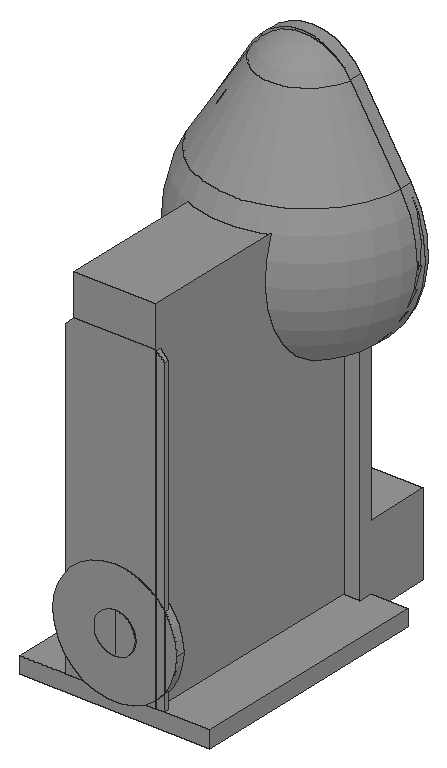
Revit family "Toilet-Willoughby-1490-ETF-FM-BS", category Plumbing Fixtures, host Face, Revit 2014
Parameters (values of type "Standard")
  Waste DIA = 2 1/2"
  Waste Connection = yes
  W-RAD [instance] = Waste DIA / 2  # 0' - 1 1/4"
  Vent Connection = no
  URL = "www.willoughby-ind.com"
  Type Comments = ""
  Revision = "A"
  Model = "ETF-1490-FM-BS"
  Manufacturer = "Willoughby Industries"
  HW Connection = no
  Flush inlet DIA = 1 1/2"
  Flush Inlet Connection = yes
  Fixture Body = Stainless Steel AISI 304-Willoughby
  F-RAD [instance] = Flush inlet DIA / 2  # 0' - 0 3/4"
  Description = "Floor Mounted Toilet"
  Default Elevation = 0' - 0"
  Contact Number = "(800) 428-4065"
  CW Connection = no
Reference planes (in)
  plane 1 "Base": y = -16.25
  plane 2: z = 0
  plane 3 "Center": x = 18.31072
  plane 4 "Waste height": y = -4.75
  plane 5: y = -1.25
  plane 6: z = -6.75
  plane 7: y = -2.125
  plane 8: y = -14.0625
  plane 9: y = 0.5
  plane 10: x = 16.56072
  plane 11: x = 20.06072
  plane 12: x = 11.56072
  plane 13: x = 25.06072
  plane 14: z = 23
  plane 15: z = 30.75
  plane 16: x = 15.81072
  plane 17: x = 20.81072
  plane 18: x = 15.81072
  plane 19: x = 20.81072
  plane 20: z = 4.25
  plane 21: x = 12.56072
  plane 22: x = 24.06072
  plane 23: y = 2.75
Forms (in)
  Extrusion 1, solid, material "Stainless Steel AISI 304-Willoughby" <- "Fixture Body"
    sketch origin (16.08109, 7.47968, -2.20225) x (-1, 0, 0) y (0, 0, -1)
      loop
        line (1.29775, -16.80087) -> (1.29775, -3.20225) -> (-5.72963, -3.20225) -> (-5.72963, -16.81676)
        arc (-5.72963, -16.81676) -> (-8.98136, -21.11843) -> (-8.21015, -26.45542) r 7
        line (-8.21015, -26.45542) -> (-5.16818, -31.31054)
        arc (-5.16818, -31.31054) -> (-2.20225, -32.95225) -> (0.76368, -31.31054) r 3.5
        line (0.76368, -31.31054) -> (3.80565, -26.45542)
        arc (3.80565, -26.45542) -> (4.5729, -21.10311) -> (1.29775, -16.80087) r 7
      loop
        arc (2.03989, -24.70557) -> (-2.20225, -18.23804) -> (-6.44438, -24.70557) r 4.625
        line (-6.44438, -24.70557) -> (-4.04125, -30.23842)
        arc (-4.04125, -30.23842) -> (-2.20225, -31.45225) -> (-0.36324, -30.23842) r 2
        line (-0.36324, -30.23842) -> (2.03989, -24.70557)
    from 8.72968 to 9.5
  Revolve 2, solid, material "Stainless Steel AISI 304-Willoughby" <- "Fixture Body"
    sketch origin (19.37246, -1.52032, 1.00169) x (-1, 0, 0) y (0, 0, -1)
      loop
        line (1.06174, -12.59906) -> (1.06174, -12.84906)
        arc (1.06174, -12.84906) -> (6.91177, -17.54136) -> (5.58904, -24.92315) r 7.34171
        line (5.58904, -24.92315) -> (3.81535, -27.91457)
        arc (3.81535, -27.91457) -> (2.63527, -29.03194) -> (1.06174, -29.43826) r 3.25
        line (1.06174, -29.43826) -> (1.06174, -29.68826)
        arc (1.06174, -29.68826) -> (2.75672, -29.25045) -> (4.02767, -28.04656) r 3.5
        line (4.02767, -28.04656) -> (7.06964, -23.19143)
        arc (7.06964, -23.19143) -> (7.15052, -16.14555) -> (1.06174, -12.59906) r 7
      axis (1.06174, -12.59906) -> (1.06174, -29.68826)
    angle from 0 to -180
  Extrusion 3, solid, material "Stainless Steel AISI 304-Willoughby" <- "Fixture Body"
    sketch origin (19.53334, -3.02032, -4.9508) x (0, 1, 0) y (0, 0, 1)
      loop
        line (-4.42257, 4.9508) -> (1.02643, 4.9508) -> (1.02643, 18.97156)
        arc (1.02643, 18.97156) -> (-2.31062, 20.32275) -> (-4.42257, 23.23845) r 6.52287
        line (-4.42257, 23.23845) -> (-4.42257, 4.9508)
    from 1.27686 to -3.72262
  Extrusion 4, solid, material "Stainless Steel AISI 304-Willoughby" <- "Fixture Body"
    sketch origin (18.31072, 0, -1) x (0, 1, 0) y (0, 0, 1)
      loop
        line (-1.25, 1) -> (2.75, 1) -> (2.75, 6) -> (-1.25, 6) -> (-1.25, 1)
    from -3.52738 to 3.5
  Extrusion 5, solid, material "Stainless Steel AISI 304-Willoughby" <- "Fixture Body"
    sketch origin (0, 0, 0) x (1, 0, 0) y (0, 1, 0)
      loop
        circle (18.31072, 0.5) r 0.75
    from 0 to 1
  Extrusion 6, solid, material "Stainless Steel AISI 304-Willoughby" <- "Fixture Body"
    sketch origin (0, -16.25, 0) x (1, 0, 0) y (0, 0, 1)
      loop
        line (24.06072, 0) -> (24.06072, 1) -> (12.56072, 1) -> (12.56072, 0) -> (24.06072, 0)
    from -15 to 0
  Extrusion 7, solid, material "Stainless Steel AISI 304-Willoughby" <- "Fixture Body"
    sketch origin (0, -16.25, 0) x (1, 0, 0) y (0, 0, 1)
      loop
        line (20.81072, 0) -> (20.81072, 23) -> (15.81072, 23) -> (15.81072, 0) -> (20.81072, 0)
    from 0 to -8.80711
  Revolve 8, solid, material "Stainless Steel AISI 304-Willoughby" <- "Fixture Body"
    sketch origin (18.31072, 0, 0) x (0, 1, 0) y (0, 0, 1)
      loop
        line (-16.25152, 4.25) -> (-14.08343, 4.25) -> (-14.08343, 5.5) -> (-16.25152, 5.5) -> (-16.25152, 4.25)
      axis (-14.08343, 4.25) -> (-16.25152, 4.25)
    angle from 0 to 360
  Extrusion 9, solid, material "Stainless Steel AISI 304-Willoughby" <- "Fixture Body"
    sketch origin (0, -16.25, 0) x (1, 0, 0) y (0, 0, 1)
      loop
        circle (18.31072, 4.25) r 3.75
    from 0 to -0.5
  Extrusion 10, solid, material "Stainless Steel AISI 304-Willoughby" <- "Fixture Body"
    sketch origin (0, -16.25, 0) x (1, 0, 0) y (0, 0, 1)
      loop
        line (20.81072, 1) -> (21.31072, 1) -> (21.31072, 20) -> (20.81072, 20.5) -> (15.81072, 20.5) -> (15.31072, 20) -> (15.31072, 1) -> (15.81072, 1) -> (20.81072, 1)
    from 0 to -0.25
Cuts and joins
  joined: Extrusion 1, Extrusion 3, Extrusion 4, Extrusion 6, Extrusion 7
Lines and regions (in)
  symbolic lines
    curve 1: line (12.56072, -16.25, 0) -> (12.56072, -1.25, 0)
    curve 2: line (12.56072, -1.25, 0) -> (24.06072, -1.25, 0)
    curve 3: line (24.06072, -1.25, 0) -> (24.06072, -16.25, 0)
    curve 4: line (24.06072, -16.25, 0) -> (12.56072, -16.25, 0)
    curve 5: line (14.78334, -1.25, 0) -> (14.78334, 2.75, 0)
    curve 6: line (14.78334, 2.75, 0) -> (21.81072, 2.75, 0)
    curve 7: line (21.81072, 2.75, 0) -> (21.81072, -1.25, 0)
    curve 8: line (11.28334, -2.02032, 0) -> (11.28334, -1.25, 0)
    curve 9: line (11.28334, -1.25, 0) -> (25.28334, -1.25, 0)
    curve 10: line (25.28334, -1.25, 0) -> (25.28334, -2.02032, 0)
    curve 11: arc (25.28334, -2.02032, 0) -> (23.08111, -6.64837, 0) -> (18.31072, -8.52239, 0) r 6.97585
    curve 12: arc (18.31072, -8.52239, 0) -> (13.52719, -6.64379, 0) -> (11.28334, -2.02032, 0) r 7.0627
    curve 13: line (15.81072, -8.06019, 0) -> (15.81072, -16.25, 0)
    curve 14: line (20.81072, -8.06397, 0) -> (20.81072, -16.25, 0)
    curve 23: arc (21.81072, -16.25, 14.61451) -> (25.06245, -16.25, 18.91618) -> (24.29124, -16.25, 24.25317) r 7
    curve 24: line (24.29124, -16.25, 24.25317) -> (21.24927, -16.25, 29.1083)
    curve 25: arc (21.24927, -16.25, 29.1083) -> (18.28334, -16.25, 30.75) -> (15.31741, -16.25, 29.1083) r 3.5
    curve 26: line (15.31741, -16.25, 29.1083) -> (12.35249, -16.25, 24.379)
    curve 27: arc (12.35249, -16.25, 24.379) -> (11.49002, -16.25, 18.97236) -> (14.78334, -16.25, 14.59862) r 7
    curve 28: line (12.56072, -16.25, 0) -> (24.06072, -16.25, 0)
    curve 29: line (24.06072, -16.25, 0) -> (24.06072, -16.25, 1)
    curve 30: line (24.06072, -16.25, 1) -> (21.81072, -16.25, 1)
    curve 31: line (14.78334, -16.25, 1) -> (12.56072, -16.25, 1)
    curve 32: line (12.56072, -16.25, 1) -> (12.56072, -16.25, 0)
    curve 39: line (18.31072, -16.25, 0) -> (18.31072, 2.75, 0)
    curve 40: line (18.31072, 2.75, 0) -> (18.31072, 2.75, 5)
    curve 41: line (18.31072, 2.75, 5) -> (18.31072, -1.25, 5)
    curve 42: line (18.31072, -1.25, 5) -> (18.31072, -1.25, 30.75)
    curve 43: line (18.31072, -1.25, 30.75) -> (18.31072, -2.02032, 30.75)
    curve 44: arc (18.31072, -2.02032, 30.75) -> (18.31072, -3.30775, 30.20786) -> (18.31072, -4.32667, 29.25224) r 3.95799
    curve 45: line (18.31072, -4.32667, 29.25224) -> (18.31072, -7.52822, 24.19312)
    curve 46: arc (18.31072, -7.52822, 24.19312) -> (18.31072, -7.8446, 23.61437) -> (18.31072, -8.08458, 23) r 5.16145
    curve 47: line (18.31072, -7.5944, 23) -> (18.31072, -16.25, 23)
    curve 48: line (18.31072, -16.25, 23) -> (18.31072, -16.25, 0)
    curve 49: line (18.31072, -16.25, 1) -> (18.31072, -2.02032, 1)
    curve 50: line (18.31072, -2.02032, 0) -> (18.31072, -2.02032, 14.0236)
    curve 51: arc (18.31072, -2.02032, 14.0236) -> (18.31072, -4.33607, 14.70091) -> (18.31072, -6.27296, 16.13962) r 6.84521
    curve 52: arc (18.31072, -6.27296, 16.13962) -> (18.31072, -7.60685, 18.26418) -> (18.31072, -8.03719, 20.73557) r 6.50212
    curve 53: arc (18.31072, -8.03719, 20.73557) -> (18.31072, -7.91305, 21.88681) -> (18.31072, -7.5944, 23) r 6.76463
    curve 54: line (14.78334, -16.25, 14.59862) -> (14.78334, -16.25, 1)
    curve 55: line (21.81072, -16.25, 14.61451) -> (21.81072, -16.25, 1)
    curve 56: line (21.81072, -16.25, 5) -> (14.78334, -16.25, 5)
  symbolic lines, detail levels fine
    curve 15: line (14.56072, -16.25, 0) -> (14.56072, -15.75, 0)
    curve 16: line (14.56072, -15.75, 0) -> (15.81072, -15.75, 0)
    curve 17: line (20.81072, -15.75, 0) -> (22.06072, -15.75, 0)
    curve 18: line (22.06072, -15.75, 0) -> (22.06072, -16.25, 0)
    curve 19: line (21.31072, -16.25, 0) -> (21.31072, -16, 0)
    curve 20: line (21.31072, -16, 0) -> (20.81072, -16, 0)
    curve 21: line (15.31072, -16.25, 0) -> (15.31072, -16, 0)
    curve 22: line (15.31072, -16, 0) -> (15.81072, -16, 0)
  symbolic lines, detail levels medium+fine
    curve 33: arc (14.78334, -16.25, 5.52282) -> (14.56072, -16.25, 4.25) -> (14.78334, -16.25, 2.97718) r 3.75
    curve 34: arc (21.81072, -16.25, 2.90371) -> (22.06072, -16.25, 4.25) -> (21.81072, -16.25, 5.59629) r 3.75
    curve 35: line (22.52547, -16.25, 22.50332) -> (20.12234, -16.25, 28.03617)
    curve 36: arc (20.12234, -16.25, 28.03617) -> (18.28334, -16.25, 29.2424) -> (16.44433, -16.25, 28.03617) r 2.00498
    curve 37: line (16.44433, -16.25, 28.03617) -> (14.0412, -16.25, 22.50332)
    curve 38: arc (14.0412, -16.25, 22.50332) -> (18.28334, -16.25, 16.0358) -> (22.52547, -16.25, 22.50332) r 4.625
Dimensions and locks (in)
  plane 1 "Base" to plane 4 "Waste height" = 0' - 11 1/2"
  plane 1 "Base" to plane 5 = 1' - 3"
  locked: plane 1 "Base" to plane 9 at 16.75
  level to plane 15 = 2' - 6 3/4"
  plane 21 to plane 22 = 0' - 11 1/2"  (x2)
  plane 13 to plane 22 = 0' - 1"
  plane 18 to plane 19 = 0' - 5"
  "F-RAD": radius of Extrusion 5 sketch curve
  aligned and locked: plane 2 to host face
  aligned and locked: level to host face
  aligned and locked: plane 9 to Extrusion 5 sketch curve
  aligned and locked: plane 3 "Center" to Extrusion 5 sketch curve
  aligned and locked: Revolve 8 sketch curve to Revolve 8 sketch curve  (x2)
  aligned and locked: Extrusion 5 to level
Automatic sketch dimensions
  host sketch curve to host sketch curve = 2' - 10.4274"
  host sketch curve to host sketch curve = 3' - 0.36225"
  Extrusion 1 sketch curve to Extrusion 1 sketch curve = 0' - 0"  (x8)
  level to Extrusion 1 sketch curve = 0' - 1"
  plane 3 "Center" to Extrusion 1 sketch curve = 0' - 5.98052"
  Extrusion 1 sketch curve to Extrusion 1 sketch curve = 0' - 1.76576"  (x2)
  plane 3 "Center" to Extrusion 1 sketch curve = 0' - 3 1/2"
  plane 3 "Center" to Extrusion 1 sketch curve = 0' - 2.93855"
  Extrusion 1 sketch curve to Extrusion 1 sketch curve = 0' - 1.12693"  (x2)
  Extrusion 1 sketch curve to plane 3 "Center" = 0' - 0.02738"  (x2)
  Extrusion 1 sketch curve to plane 3 "Center" = 0' - 1.86639"
  Extrusion 1 sketch curve to plane 3 "Center" = 0' - 3.52738"
  Extrusion 1 sketch curve to plane 3 "Center" = 0' - 4 69/256"
  Extrusion 1 sketch curve to Extrusion 1 sketch curve = 1' - 1.59862"
  Extrusion 1 sketch curve to Extrusion 1 sketch curve = 0' - 0.01589"
  Extrusion 1 sketch curve to Extrusion 1 sketch curve = 0' - 6.06218"
  Extrusion 1 sketch curve to Extrusion 1 sketch curve = 0' - 1.74985"
  Extrusion 1 sketch curve to Extrusion 1 sketch curve = 0' - 4.74668"
  Extrusion 1 sketch curve to Extrusion 1 sketch curve = 0' - 0.78617"
  Extrusion 1 sketch curve to Extrusion 1 sketch curve = 0' - 1.07212"
  Extrusion 4 sketch curve to level = 0' - 0"
  Extrusion 4 sketch curve to plane 5 = 0' - 0"
  Extrusion 4 sketch curve to plane 9 = 0' - 2 1/4"
  level to Extrusion 4 sketch curve = 0' - 5"
  Extrusion 6 sketch curve to level = 0' - 0"
  level to Extrusion 6 sketch curve = 0' - 1"
  plane 12 to Extrusion 6 sketch curve = 0' - 1"
  Extrusion 6 sketch curve to plane 13 = 0' - 1"
  Extrusion 7 sketch curve to level = 0' - 0"
  Extrusion 7 sketch curve to plane 10 = 0' - 0 3/4"
  plane 11 to Extrusion 7 sketch curve = 0' - 0 3/4"
  Extrusion 7 sketch curve to plane 14 = 0' - 0"
  Extrusion 3 sketch curve to level = 0' - 0"
  plane 4 "Waste height" to Extrusion 3 sketch curve = 0' - 2.69289"
  plane 7 to Extrusion 3 sketch curve = 0' - 0.13111"
  plane 5 to Extrusion 3 sketch curve = 0' - 0.05941"
  Extrusion 3 sketch curve to plane 14 = 0' - 2.49238"
  Extrusion 3 sketch curve to Extrusion 3 sketch curve = 0' - 6.48686"
  Revolve 2 sketch curve to plane 3 "Center" = 0' - 0"  (x3)
  plane 3 "Center" to Revolve 2 sketch curve = 0' - 0"
  Revolve 2 sketch curve to plane 11 = 0' - 0.72567"
  plane 18 to Revolve 2 sketch curve = 0' - 0.25361"
  Revolve 2 sketch curve to Revolve 2 sketch curve = 0' - 0.21232"
  plane 12 to Revolve 2 sketch curve = 0' - 0.7421"
  Revolve 2 sketch curve to plane 15 = 0' - 0.06005"
  Revolve 2 sketch curve to Revolve 2 sketch curve = 0' - 0 1/4"  (x2)
  Revolve 2 sketch curve to plane 15 = 0' - 1.70176"
  Revolve 2 sketch curve to Revolve 2 sketch curve = 0' - 0.13199"
  plane 14 to Revolve 2 sketch curve = 0' - 1.19312"
  Revolve 2 sketch curve to plane 14 = 0' - 1.87935"
  Revolve 2 sketch curve to Revolve 2 sketch curve = 0' - 0.51991"
  plane 18 to Revolve 2 sketch curve = 0' - 2.0273"
  plane 14 to Revolve 2 sketch curve = 0' - 0.93995"
  Revolve 2 sketch curve to Revolve 2 sketch curve = 0' - 2.4108"
  Extrusion 9 sketch curve to plane 3 "Center" = 0' - 0"
  Extrusion 9 sketch curve to plane 20 = 0' - 0"
  plane 18 to Extrusion 10 sketch curve = 0' - 0"  (x2)
  plane 19 to Extrusion 10 sketch curve = 0' - 0"  (x2)
  Extrusion 10 sketch curve to Extrusion 10 sketch curve = 0' - 0 1/2"  (x3)
  Extrusion 10 sketch curve to plane 19 = 0' - 0 1/2"
  level to Extrusion 10 sketch curve = 0' - 1"
  Extrusion 10 sketch curve to plane 14 = 0' - 3"
  Revolve 8 sketch curve to plane 20 = 0' - 0"
  plane 1 "Base" to Revolve 8 sketch curve = 0' - 0.00152"
  plane 8 to Revolve 8 sketch curve = 0' - 0.02093"
  plane 20 to Revolve 8 sketch curve = 0' - 1 1/4"
  Revolve 8 sketch curve to Revolve 8 sketch curve = 0' - 1.49848"
  plane 5 to curve 8 = 0' - 0"
  plane 5 to curve 2 = 0' - 0"
  curve 2 to plane 21 = 0' - 0"
  plane 1 "Base" to curve 15 = 0' - 0"
  curve 6 to plane 23 = 0' - 0"
  curve 22 to plane 18 = 0' - 0"
  curve 11 to plane 3 "Center" = 0' - 0"
  curve 12 to plane 3 "Center" = 0' - 0"
  curve 17 to plane 19 = 0' - 0"
  curve 4 to plane 22 = 0' - 0"
  curve 9 to plane 12 = 0' - 0.27738"
  curve 15 to plane 1 "Base" = 0' - 0 1/2"
  plane 18 to curve 15 = 0' - 1 1/4"
  plane 18 to curve 6 = 0' - 1.02738"
  plane 3 "Center" to curve 11 = 0' - 0.01288"
  plane 3 "Center" to curve 12 = 0' - 0.01304"
  curve 20 to curve 19 = 0' - 0 1/2"
  curve 6 to plane 19 = 0' - 1"
  curve 19 to curve 17 = 0' - 0 3/4"
  curve 2 to curve 10 = 0' - 1.22262"
  curve 20 to plane 1 "Base" = 0' - 0 1/4"
  curve 18 to curve 18 = 0' - 0 1/2"
  plane 7 to curve 8 = 0' - 0.10468"
  plane 7 to curve 10 = 0' - 0.10468"
  curve 21 to plane 1 "Base" = 0' - 0 1/4"
  plane 18 to curve 21 = 0' - 0 1/2"
  curve 49 to plane 1 "Base" = 0' - 0"
  curve 46 to plane 14 = 0' - 0"
  curve 43 to plane 15 = 0' - 0"
  curve 43 to plane 5 = 0' - 0"
  curve 41 to plane 23 = 0' - 0"
  curve 39 to level = 0' - 0"
  plane 4 "Waste height" to curve 47 = 0' - 2.8444"
  plane 14 to curve 45 = 0' - 1.19312"
  curve 53 to curve 45 = 0' - 0.06618"
  curve 45 to plane 4 "Waste height" = 0' - 0.42333"
  curve 46 to plane 7 = 0' - 1.04173"
  plane 7 to curve 43 = 0' - 0.10468"
  plane 5 to curve 52 = 0' - 0.2866"
  plane 5 to curve 51 = 0' - 0.03668"
  plane 5 to curve 53 = 0' - 0.02415"
  curve 44 to plane 5 = 0' - 0.09792"
  plane 20 to curve 42 = 0' - 0 3/4"
  curve 50 to plane 14 = 0' - 8.9764"
  curve 53 to plane 14 = 0' - 2.41138"
  curve 53 to curve 52 = 0' - 0.0057"
  curve 53 to curve 51 = 0' - 0.24076"
  curve 46 to plane 14 = 0' - 1.56695"
  curve 44 to curve 42 = 0' - 3.86159"
  curve 52 to curve 53 = 0' - 0"
  plane 7 to curve 49 = 0' - 0.10468"
  level to curve 49 = 0' - 1"
  curve 23 to curve 27 = 0' - 0"
  curve 23 to curve 38 = 0' - 0"  (x2)
  curve 27 to curve 38 = 0' - 0"
  curve 33 to curve 34 = 0' - 0"  (x2)
  plane 21 to curve 28 = 0' - 0"
  curve 34 to plane 3 "Center" = 0' - 0"
  plane 22 to curve 28 = 0' - 0"
  curve 32 to level = 0' - 0"
  curve 34 to plane 20 = 0' - 0"
  plane 21 to curve 26 = 0' - 0.20823"
  curve 37 to plane 14 = 0' - 0.49668"
  curve 37 to plane 21 = 0' - 1 123/256"
  plane 18 to curve 54 = 0' - 1.02738"
  plane 18 to curve 26 = 0' - 0.49331"
  curve 37 to plane 10 = 0' - 0.11639"
  curve 27 to plane 3 "Center" = 0' - 0.02738"
  curve 25 to plane 3 "Center" = 0' - 0.02738"
  curve 25 to curve 36 = 0' - 0"
  plane 11 to curve 35 = 0' - 0.06162"
  curve 24 to plane 19 = 0' - 0.43855"
  curve 55 to plane 19 = 0' - 1"
  curve 35 to plane 14 = 0' - 0.49668"
  curve 24 to plane 22 = 0' - 0.23052"
  level to curve 54 = 0' - 1"
  level to curve 55 = 0' - 1"
  curve 54 to curve 37 = 0' - 7.9047"
  curve 27 to curve 55 = 0' - 0.01589"
  curve 23 to plane 14 = 0' - 2.3392"
  curve 36 to plane 15 = 0' - 3.51258"
  curve 36 to curve 25 = 0' - 0.01258"
  curve 25 to curve 37 = 0' - 0.78617"
  curve 37 to curve 26 = 0' - 1.07212"
  curve 34 to plane 20 = 0' - 1.34629"
  curve 33 to plane 20 = 0' - 1.27282"
  curve 56 to curve 34 = 0' - 0.59629"
  radius of Extrusion 9 sketch curve = 0' - 3 3/4"
Connectors (in)
  piping at (18.31072, 0.5, 1), diameter 1.5, driven by "F-RAD", driven by "Flush Inlet Connection"
    settings: on Extrusion 5, index 2, connector inside diameter 1 1/2", connector length 0' - 0", flow factor 0, pipe flow 0 GPM, pressure drop 0.00 psi, fitting loss kfactor 0, connector angle 0.00°, fixture units 0, engagement length 0' - 0", angle of deflection 0.00°, flow configuration 0, flow direction 1, fitting loss method 0, system type 20, joint type 0, gender type 0, connector reference index -1, connector utility 1, adjustable connector no, is connector primary yes, connector description "Flush Inlet"
  piping at (18.31072, -16.25152, 4.25), diameter 2.5, driven by "W-RAD", driven by "Waste Connection"
    settings: on Revolve 8, index 4, connector inside diameter 24", connector length 0' - 0", flow factor 0, pipe flow 0 GPM, pressure drop 0.00 psi, fitting loss kfactor 0, connector angle 0.00°, fixture units 0, engagement length 0' - 0", angle of deflection 0.00°, flow configuration 0, flow direction 2, fitting loss method 0, system type 16, joint type 0, gender type 0, connector reference index -1, connector utility 1, adjustable connector no, is connector primary no, connector description "Toilet Waste"
